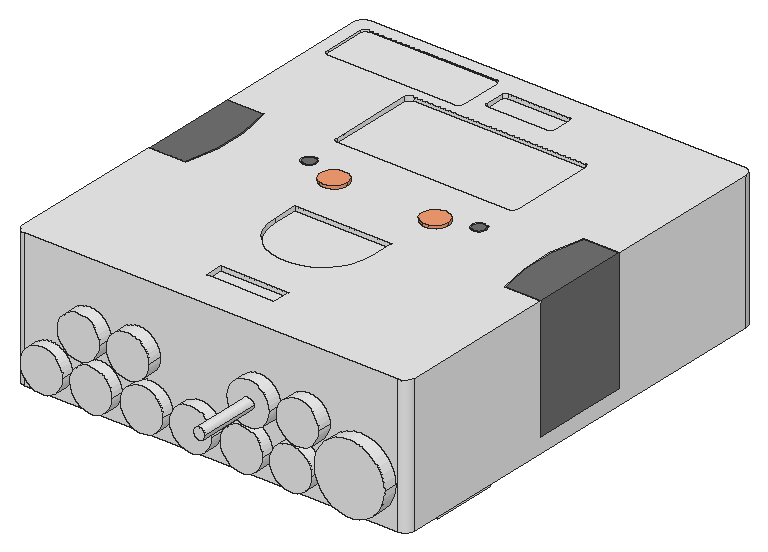
Revit family "Supercal 5_RFA", category Data Devices, host Face, Revit 2019
Family settings
  Host = Face
  Maintain Annotation Orientation = No
  Round Connector Dimension = Use Diameter
  Part Type = Normal
  Cut with Voids When Loaded = No
  Shared = No
  Room Calculation Point = No
Parameters (values of type "Supercal 5_2.5l/p_3.6V_M-Bus_187F8300")
  WB4 = 12.00 mm  # constant formula
  WB3 = 28.70 mm  # constant formula
  WB2 = 48.55 mm  # constant formula
  WB1 = 56.20 mm  # constant formula
  Voltage = 3.6 V
  Min Medium Temperature = "5 °C"  # constant formula
  Min Flow = "60 m³/h"
  Max Medium Temperature = "55 °C"  # constant formula
  Max Flow (Text) = "300 m³/h"
  Max Flow = 300.0 m³/h
  LB5 = 70.00 mm  # constant formula
  LB4 = 35.00 mm  # constant formula
  LB3 = 12.00 mm  # constant formula
  LB2 = 136.96 mm  # constant formula
  LB1 = 124.40 mm  # constant formula
  H3 = 44.40 mm  # constant formula
  Weight = 0.69 kg
  W = 158.00 mm  # constant formula
  URL = "https://store.danfoss.com/en/Climate-Solutions-for-heating/Energy-meters/Calculators/c/6953?q=%3Arelevance%3Adanfoss_producttypehierarchydesc%3ASupercal+5&text="
  Supply Voltage Type = "battery D-cell"
  Pulse Value Volume = "2.5 l/pulse"
  Model Type = "Supercal 5_2.5l/p_3.6V_M-Bus"
  Model = "187F8300"
  Min Diameter = 100.00 mm
  Max Diameter = 150.00 mm
  Manufacturer = "Danfoss"  # constant formula
  LOD 350 = not(LOD 200)  # yes
  LOD 200 = no
  L5 = 18.50 mm  # constant formula
  L4 = 27.30 mm  # constant formula
  L3 = 5.10 mm  # constant formula
  L2 = 5.00 mm  # constant formula
  L1 = 4.30 mm  # constant formula
  L = 143.00 mm  # constant formula
  Intergrated Communication = "M-Bus"  # constant formula
  Interface Module = "No interface module"  # constant formula
  Installation = "Supply"
  IfcExportType = "Supercal 5"  # constant formula
  IfcExportAs = "IfcValveType"  # constant formula
  H2 = 3.62 mm  # constant formula
  H1 = 7.60 mm  # constant formula
  H = 61.00 mm  # constant formula
  Energy Unit = "0.01 MWh"
  Description = "Energy Calculator"  # constant formula
  Default Elevation = 1219.20 mm
  Body Material = Danfoss Plastic White
Types (11, lengths in mm): name | Voltage | Min Flow | Max Flow (Text) | Max Flow | Weight | Supply Voltage Type | Pulse Value Volume | Model Type | Model | Min Diameter | Max Diameter | Installation | Energy Unit
  (no name) | 3.6 V | "60 m³/h" | "300 m³/h" | 300.0 m³/h | 0.69 kg | "battery D-cell" | "2.5 l/pulse" | "Supercal 5_2.5l/p_3.6V_M-Bus" | "187F8300" | 100.00 | 150.00 | "Supply" | "0.01 MWh"
  Supercal 5_2.5l/p_3.6V_M-Bus_187F8300 | 3.6 V | "60 m³/h" | "300 m³/h" | 300.0 m³/h | 0.69 kg | "battery D-cell" | "2.5 l/pulse" | "Supercal 5_2.5l/p_3.6V_M-Bus" | "187F8300" | 100.00 | 150.00 | "Supply" | "0.01 MWh"
  Supercal 5_10l/p_3.6V_M-Bus_187F8301 | 3.6 V | "250 m³/h" | "1500 m³/h" | 1500.0 m³/h | 0.69 kg | "battery D-cell" | "10 l/pulse" | "Supercal 5_10l/p_3.6V_M-Bus" | "187F8301" | 200.00 | 350.00 | "Supply" | "0.01 MWh"
  Supercal 5_50/p_3.6V_M-Bus_187F8302 | 3.6 V | "950 m³/h" | "2950 m³/h" | 2950.0 m³/h | 0.69 kg | "battery D-cell" | "50 l/pulse" | "Supercal 5_50l/p_3.6V_M-Bus" | "187F8302" | 400.00 | 500.00 | "Supply" | "0.01 MWh"
  Supercal 5_100l/p_3.6V_M-Bus_187F8303 | 3.6 V | "2150 m³/h" | "10000 m³/h" | 10000.0 m³/h | 0.69 kg | "battery D-cell" | "100 l/pulse" | "Supercal 5_100l/p_3.6V_M-Bus" | "187F8303" | 600.00 | 1200.00 | "Supply" | "0.01 MWh"
  Supercal 5_1l/p_3.6V_M-Bus_187F8304 | 3.6 V | "6 m³/h" | "25 m³/h" | 25.0 m³/h | 0.69 kg | "battery D-cell" | "1 l/pulse" | "Supercal 5_1l/p_3.6V_M-Bus" | "187F8304" | 600.00 | 1200.00 | "Supply" | "1 kWh"
  Supercal 5_2.5l/p_230V_M-Bus_187F8305 | 230 V | "60 m³/h" | "300 m³/h" | 300.0 m³/h | 0.63 kg | "mains unit" | "2.5 l/pulse" | "Supercal 5_2.5l/p_230V_M-Bus" | "187F8305" | 600.00 | 1200.00 | "Return" | "0.01 MWh"
  Supercal 5_10l/p_230V_M-Bus_187F8306 | 230 V | "250 m³/h" | "1500 m³/h" | 1500.0 m³/h | 0.63 kg | "mains unit" | "10 l/pulse" | "Supercal 5_10l/p_230V_M-Bus" | "187F8306" | 600.00 | 1200.00 | "Return" | "0.01 MWh"
  Supercal 5_50l/p_230V_M-Bus_187F8307 | 230 V | "950 m³/h" | "2950 m³/h" | 2950.0 m³/h | 0.63 kg | "mains unit" | "50 l/pulse" | "Supercal 5_50l/p_230V_M-Bus" | "187F8307" | 600.00 | 1200.00 | "Return" | "0.01 MWh"
  Supercal 5_100l/p_230V_M-Bus_187F8308 | 230 V | "2150 m³/h" | "10000 m³/h" | 10000.0 m³/h | 0.63 kg | "mains unit" | "100 l/pulse" | "Supercal 5_100l/p_230V_M-Bus" | "187F8308" | 600.00 | 1200.00 | "Return" | "0.01 MWh"
  Supercal 5_1l/p_230V_M-Bus_187F8309 | 230 V | "6 m³/h" | "25 m³/h" | 25.0 m³/h | 0.63 kg | "mains unit" | "1 l/pulse" | "Supercal 5_1l/p_230V_M-Bus" | "187F8309" | 600.00 | 1200.00 | "Return" | "1 kWh"
Reference planes
  plane 1 "Center (Front/Back)": y = 0
  plane 2: z = 0
  plane 3 "Center (Left/Right)": x = 0
  plane 4: x = 71.5
  plane 5: x = -71.5
  plane 6: y = 79
  plane 7: y = -79
  plane 8: z = 37.5
  plane 9: x = -44.5
  plane 10: x = -26.5
  plane 11 "rp": x = 17.5
  plane 12: x = 35.5
  plane 13: z = 21.25
  plane 14: x = -61.5
  plane 15: x = -41.5
  plane 16: x = -58.6
  plane 17: x = -40.5
  plane 18: x = -22
  plane 19: x = -4
  plane 20: x = 14.5
  plane 21: x = 32.5
  plane 22: x = 54.5
  plane 23: y = -83.3
  plane 24: y = -84
  plane 25: y = -84.1
  plane 26: y = -106.3
  plane 27: z = 7.6
  plane 28: z = 61
  plane 29: x = -18.5
  plane 30: x = 18.5
  plane 31: z = 59.5
  plane 32: z = 11.22
  plane 33: z = 16.6
  plane 34: x = -62.2
  plane 35: x = 62.2
  plane 36: y = 73.7
  plane 37: y = 17.5
  plane 38: y = -69.25
  plane 39: y = -20.7
  plane 40: y = -61.2
  plane 41: x = -68.48
  plane 42: x = 68.48
  plane 43: y = -37.43
  plane 44: y = -14.35
  plane 45: y = 14.35
  plane 46: x = 6
  plane 47: x = -6
  plane 48: y = -6
  plane 49: y = 6
  plane 50: x = -17.5
  plane 51: x = 17.5
  plane 52: x = 35
  plane 53: x = -35
  plane 54: z = 3
Forms (mm)
  Extrusion 1, solid, material "Danfoss Plastic White" <- "Body Material", visible <- "LOD 350", detail levels fine
    sketch origin (0, 0, 0) x (1, 0, 0) y (0, 0, 1)
      loop
        circle (-44.5, 37.5) r 7.75
      loop
        circle (-26.5, 37.5) r 7.75
      loop
        circle (17.5, 37.5) r 7.75
      loop
        circle (35.5, 37.5) r 7.75
    from 79 to 84
  Extrusion 2, solid, material "Danfoss Plastic White" <- "Body Material", visible <- "LOD 350", detail levels fine
    sketch origin (-14.217, 0, -14.881) x (1, 0, 0) y (0, 0, 1)
      loop
        circle (-44.383, 36.131) r 7.75
      loop
        circle (-26.283, 36.131) r 7.75
      loop
        circle (-7.783, 36.131) r 7.75
      loop
        circle (10.217, 36.131) r 7.75
      loop
        circle (28.717, 36.131) r 7.75
      loop
        circle (46.717, 36.131) r 7.75
    from 79 to 83.3
  Extrusion 3, solid, material "Danfoss Plastic White" <- "Body Material", visible <- "LOD 350", detail levels fine
    sketch origin (0, 0, 0) x (1, 0, 0) y (0, 0, 1)
      loop
        circle (54.5, 26.05) r 12.75
    from 79 to 84.1
  Extrusion 4, solid, material "Danfoss Plastic White" <- "Body Material", visible <- "LOD 350", detail levels fine
    sketch origin (0, 0, 0) x (1, 0, 0) y (0, 1, 0)
      loop
        arc (-68.05, 79) -> (-70.489, 77.989) -> (-71.5, 75.55) r 3.45
        line (-71.5, 75.55) -> (-71.5, -75.55)
        arc (-71.5, -75.55) -> (-70.49, -77.99) -> (-68.05, -79) r 3.45
        line (-68.05, -79) -> (68.05, -79)
        arc (68.05, -79) -> (70.49, -77.99) -> (71.5, -75.55) r 3.45
        line (71.5, -75.55) -> (71.5, 75.55)
        arc (71.5, 75.55) -> (70.49, 77.99) -> (68.05, 79) r 3.45
        line (68.05, 79) -> (-68.05, 79)
    from 11.215 to 61
  Extrusion 5, solid, material "Danfoss Plastic White" <- "Body Material", visible <- "LOD 350", detail levels fine
    sketch origin (0, 0, 0) x (1, 0, 0) y (0, 1, 0)
      loop
        line (-17.5, 6) -> (-17.5, -6) -> (-6, -6) -> (-6, -14.35) -> (6, -14.35) -> (6, -6) -> (17.5, -6) -> (17.5, 6) -> (6, 6) -> (6, 14.35) -> (-6, 14.35) -> (-6, 6) -> (-17.5, 6)
    from 0 to 3
  Extrusion 6, void
    sketch origin (0, 0, 0) x (1, 0, 0) y (0, 1, 0)
      loop
        arc (-33.126, 19.635) -> (-32.54, 18.221) -> (-31.126, 17.635) r 2
        line (-31.126, 17.635) -> (31.126, 17.635)
        arc (31.126, 17.635) -> (32.54, 18.221) -> (33.126, 19.635) r 2
        line (33.126, 19.635) -> (33.126, 50.387)
        arc (33.126, 50.387) -> (32.54, 51.801) -> (31.126, 52.387) r 2
        line (31.126, 52.387) -> (-31.126, 52.387)
        arc (-31.126, 52.387) -> (-32.54, 51.801) -> (-33.126, 50.387) r 2
        line (-33.126, 50.387) -> (-33.126, 19.635)
      loop
        arc (-12.326, 61.924) -> (-11.954, 61.026) -> (-11.057, 60.654) r 1.269
        line (-11.057, 60.654) -> (11.107, 60.654)
        arc (11.107, 60.654) -> (11.969, 61.012) -> (12.326, 61.874) r 1.22
        line (12.326, 61.874) -> (12.326, 69.087)
        arc (12.326, 69.087) -> (11.969, 69.949) -> (11.106, 70.307) r 1.22
        line (11.106, 70.307) -> (-11.087, 70.307)
        arc (-11.087, 70.307) -> (-11.963, 69.944) -> (-12.326, 69.067) r 1.24
        line (-12.326, 69.067) -> (-12.326, 61.924)
      loop
        line (-17.794, -18.563) -> (-17.794, -27.967)
        arc (-17.794, -27.967) -> (-0.147, -45.614) -> (17.5, -27.967) r 17.647
        line (17.5, -27.967) -> (17.5, -18.563) -> (-17.794, -18.563)
      loop
        line (-12.326, -59.074) -> (-12.326, -65.726) -> (12.326, -65.726) -> (12.326, -59.074) -> (-12.326, -59.074)
    from 59.5 to 71.185
  Extrusion 7, solid, material "Danfoss Plastic White" <- "Body Material", visible <- "LOD 350", detail levels fine
    sketch origin (0, 0, 0) x (1, 0, 0) y (0, 0, 1)
      loop
        circle (17.5, 37.5) r 2
    from 84 to 106.3
  Extrusion 8, solid, material "Danfoss Plastic Orange", visible <- "LOD 350", detail levels fine
    sketch origin (0, 0, 0) x (1, 0, 0) y (0, 1, 0)
      loop
        circle (-18.5, 0) r 4.8
      loop
        circle (18.5, 0) r 4.8
    from 37.5 to 61.786
  Extrusion 9, solid, material "Danfoss Plastic Dark Gray", visible <- "LOD 350", detail levels fine
    sketch origin (0, 0, 0) x (1, 0, 0) y (0, 1, 0)
      loop
        arc (-58.324, -17.8) -> (-55.694, 0) -> (-58.324, 17.8) r 61.55
        line (-58.324, 17.8) -> (-71.5, 17.8) -> (-71.5, -17.8) -> (-58.324, -17.8)
      loop
        line (58.324, -17.8) -> (71.5, -17.8) -> (71.5, 17.8) -> (58.324, 17.8)
        arc (58.324, 17.8) -> (55.694, 0) -> (58.324, -17.8) r 61.55
    from 16.6 to 61
  Extrusion 10, void
    sketch origin (0, 0, 0) x (1, 0, 0) y (0, 1, 0)
      loop
        arc (-64.855, 74.556) -> (-66.372, 73.928) -> (-67, 72.411) r 2.145
        line (-67, 72.411) -> (-67, 57.706)
        arc (-67, 57.706) -> (-66.37, 56.186) -> (-64.85, 55.556) r 2.15
        line (-64.85, 55.556) -> (-19.136, 55.556)
        arc (-19.136, 55.556) -> (-17.626, 56.182) -> (-17, 57.692) r 2.136
        line (-17, 57.692) -> (-17, 72.461)
        arc (-17, 72.461) -> (-17.614, 73.942) -> (-19.095, 74.556) r 2.095
        line (-19.095, 74.556) -> (-64.855, 74.556)
    from 70 to 60.5
  Extrusion 11, void
    sketch origin (0, 0, 0) x (1, 0, 0) y (0, 1, 0)
      loop
        line (-71.5, 18) -> (-71.5, -18) -> (-58.385, -18)
        arc (-58.385, -18) -> (-55.694, 0) -> (-58.385, 18) r 61.55
        line (-58.385, 18) -> (-71.5, 18)
      loop
        line (71.5, 18) -> (58.385, 18)
        arc (58.385, 18) -> (55.694, 0) -> (58.385, -18) r 61.55
        line (58.385, -18) -> (71.5, -18) -> (71.5, 18)
    from 16.6 to 74.648
  Extrusion 12, void
    sketch origin (0, 0, 0) x (1, 0, 0) y (0, 1, 0)
      loop
        circle (-31, 4.4) r 2.7
      loop
        circle (31, 4.4) r 2.7
    from 59.5 to 66.567
  Extrusion 13, solid, material "Danfoss Plastic Dark Gray", visible <- "LOD 350", detail levels fine
    sketch origin (0, 0, 0) x (1, 0, 0) y (0, 1, 0)
      loop
        circle (31, 4.368) r 2.2
      loop
        circle (-31, 4.368) r 2.2
    from 37.5 to 61
  Extrusion 14, solid, material "Danfoss Plastic White" <- "Body Material", visible <- "LOD 200", detail levels fine
    sketch origin (0, 0, 0) x (1, 0, 0) y (0, 1, 0)
      loop
        line (-71.5, 79) -> (-71.5, -79) -> (71.5, -79) -> (71.5, 79) -> (-71.5, 79)
    from 11.22 to 61
  Extrusion 15, solid, material "Danfoss Plastic White" <- "Body Material", visible <- "LOD 350", detail levels fine
    sketch origin (0, 0, 0) x (1, 0, 0) y (0, 1, 0)
      loop
        arc (-58.358, 73.7) -> (-61.075, 72.575) -> (-62.2, 69.858) r 3.842
        line (-62.2, 69.858) -> (-62.2, 17.5) -> (62.2, 17.5) -> (62.2, 69.786)
        arc (62.2, 69.786) -> (61.054, 72.554) -> (58.286, 73.7) r 3.914
        line (58.286, 73.7) -> (-58.358, 73.7)
    from 7.6 to 11.22
  Extrusion 16, solid, material "Danfoss Plastic White" <- "Body Material", visible <- "LOD 350", detail levels fine
    sketch origin (0, 0, 0) x (1, 0, 0) y (0, 1, 0)
      loop
        line (-64.25, -69.25) -> (38.864, -69.25)
        arc (38.864, -69.25) -> (41.382, -67.954) -> (42.221, -65.248) r 3.66
        line (42.221, -65.248) -> (42.221, -62.8) -> (65.178, -62.8) -> (65.178, -61.2) -> (68.48, -61.2) -> (68.48, -37.43) -> (65.178, -37.43) -> (65.178, -20.7) -> (-62.2, -20.7) -> (-62.2, -37.43) -> (-68.48, -37.43) -> (-68.48, -61.2) -> (-64.25, -61.2)
        arc (-64.25, -61.2) -> (-68.275, -65.225) -> (-64.25, -69.25) r 4.025
    from 7.6 to 11.22
  Extrusion 17, solid, material "Danfoss Plastic White" <- "Body Material", visible <- "LOD 350", detail levels fine
    sketch origin (0, 0, 0) x (1, 0, 0) y (0, 1, 0)
      loop
        line (35, -14.35) -> (35, 14.35) -> (-35, 14.35) -> (-35, -14.35) -> (35, -14.35)
    from 3 to 7.6
  Extrusion 18, solid, material "Danfoss Plastic White" <- "Body Material", visible <- "LOD 200", detail levels fine
    sketch origin (0, 0, 0) x (1, 0, 0) y (0, 1, 0)
      loop
        line (-35, 14.35) -> (-35, -14.35) -> (35, -14.35) -> (35, 14.35) -> (-35, 14.35)
    from 0 to 7.6
  Extrusion 19, solid, material "Danfoss Plastic White" <- "Body Material", visible <- "LOD 200", detail levels fine
    sketch origin (0, 0, 0) x (1, 0, 0) y (0, 1, 0)
      loop
        line (-68.48, -69.25) -> (68.48, -69.25) -> (68.48, 73.7) -> (-68.48, 73.7) -> (-68.48, -69.25)
    from 7.6 to 11.22
  Extrusion 20, solid, material "Danfoss Plastic White" <- "Body Material", detail levels coarse+medium
    sketch origin (0, 0, 0) x (1, 0, 0) y (0, 1, 0)
      loop
        line (-71.5, 79) -> (-71.5, -79) -> (71.5, -79) -> (71.5, 79) -> (-71.5, 79)
    from 0 to 61
Cuts and joins
  Extrusion 6, Extrusion 10, Extrusion 11, Extrusion 12 cuts Extrusion 4
Dimensions and locks
  "L": plane 5 to plane 4
  equal spacing: plane 5, plane 3 "Center (Left/Right)", plane 4
  equal spacing: plane 7, plane 1 "Center (Front/Back)", plane 6
  "W": plane 7 to plane 6
  locked: plane 3 "Center (Left/Right)" to plane 9 at 44.5
  locked: plane 3 "Center (Left/Right)" to plane 10 at 26.5
  locked: plane 11 "rp" to plane 3 "Center (Left/Right)" at 17.5
  locked: plane 12 to plane 3 "Center (Left/Right)" at 35.5
  plane 14 to plane 5 = 10.00 mm
  plane 3 "Center (Left/Right)" to plane 17 = 40.50 mm
  plane 3 "Center (Left/Right)" to plane 16 = 58.60 mm
  plane 3 "Center (Left/Right)" to plane 18 = 22.00 mm
  plane 3 "Center (Left/Right)" to plane 19 = 4.00 mm
  plane 20 to plane 3 "Center (Left/Right)" = 14.50 mm
  plane 21 to plane 3 "Center (Left/Right)" = 32.50 mm
  plane 22 to plane 3 "Center (Left/Right)" = 54.50 mm
  Extrusion 3 sketch curve to plane 13 = 4.80 mm
  "L1": plane 7 to plane 23
  "L2": plane 7 to plane 24
  "L3": plane 7 to plane 25
  "L4": plane 7 to plane 26
  "H1": plane 27 to level
  "H": plane 28 to level
  "L5": plane 29 to plane 3 "Center (Left/Right)"
  "L5": plane 3 "Center (Left/Right)" to plane 30
  Extrusion 9 sketch curve to plane 1 "Center (Front/Back)" = 17.80 mm  (x2)
  plane 1 "Center (Front/Back)" to Extrusion 9 sketch curve = 17.80 mm  (x2)
  plane 1 "Center (Front/Back)" to Extrusion 11 sketch curve = 18.00 mm  (x2)
  Extrusion 11 sketch curve to plane 1 "Center (Front/Back)" = 18.00 mm  (x2)
  "H2": plane 32 to plane 27
  plane 28 to plane 27 = 53.40 mm
  "H3": plane 28 to plane 33
  plane 1 "Center (Front/Back)" to Extrusion 12 sketch curve = 4.40 mm  (x2)
  plane 30 to Extrusion 12 sketch curve = 12.50 mm
  Extrusion 12 sketch curve to plane 29 = 12.50 mm
  Extrusion 13 sketch curve to plane 3 "Center (Left/Right)" = 31.00 mm
  plane 3 "Center (Left/Right)" to Extrusion 13 sketch curve = 31.00 mm
  "LB1": plane 34 to plane 35
  equal spacing: plane 34, plane 3 "Center (Left/Right)", plane 35
  "WB1": plane 37 to plane 36
  locked: plane 36 to plane 6 at 5.3
  locked: plane 7 to plane 38 at 9.75
  "WB2": plane 38 to plane 39
  "LB2": plane 41 to plane 42
  equal spacing: plane 41, plane 3 "Center (Left/Right)", plane 42
  locked: plane 43 to plane 39 at 16.73
  locked: plane 38 to plane 40 at 8.05
  "LB3": plane 47 to plane 46
  "WB3": plane 44 to plane 45
  equal spacing: plane 44, plane 1 "Center (Front/Back)", plane 45
  equal spacing: plane 47, plane 3 "Center (Left/Right)", plane 46
  equal spacing: plane 48, plane 1 "Center (Front/Back)", plane 49
  "WB4": plane 48 to plane 49
  "LB4": plane 50 to plane 51
  equal spacing: plane 50, plane 3 "Center (Left/Right)", plane 51
  "LB5": plane 53 to plane 52
  equal spacing: plane 53, plane 3 "Center (Left/Right)", plane 52
  Extrusion 5 to Extrusion 17 = 52.50 mm
  plane 54 to level = 3.00 mm
  radius of Extrusion 1 sketch curve = 7.75 mm  (x4)
  radius of Extrusion 2 sketch curve = 7.75 mm  (x6)
  radius of Extrusion 4 sketch curve = 3.45 mm  (x4)
  radius of Extrusion 3 sketch curve = 12.75 mm
  radius of Extrusion 7 sketch curve = 2.00 mm
  radius of Extrusion 8 sketch curve = 4.80 mm  (x2)
  radius of Extrusion 12 sketch curve = 2.70 mm  (x2)
  radius of Extrusion 13 sketch curve = 2.20 mm  (x2)
  radius of Extrusion 16 sketch curve = 4.025 mm
  aligned and locked: plane 2 to host face
  aligned and locked: level to host face
  aligned and locked: plane 9 to Extrusion 1 sketch curve
  aligned and locked: plane 8 to Extrusion 1 sketch curve
  aligned and locked: plane 13 to Extrusion 2 sketch curve  (x4)
  aligned and locked: plane 16 to Extrusion 2 sketch curve
  aligned and locked: plane 17 to Extrusion 2 sketch curve
  aligned and locked: plane 19 to Extrusion 2 sketch curve
  aligned and locked: plane 10 to Extrusion 1 sketch curve
  aligned and locked: plane 11 "rp" to Extrusion 1 sketch curve
  aligned and locked: plane 12 to Extrusion 1 sketch curve
  aligned and locked: plane 20 to Extrusion 2 sketch curve
  aligned and locked: plane 21 to Extrusion 2 sketch curve
  aligned and locked: plane 22 to Extrusion 3 sketch curve
  aligned and locked: plane 6 to Extrusion 4 sketch curve
  aligned and locked: plane 5 to Extrusion 4 sketch curve
  aligned and locked: Extrusion 4 sketch curve to plane 7
  aligned and locked: Extrusion 4 sketch curve to plane 4
  aligned and locked: plane 24 to Extrusion 1
  aligned and locked: plane 23 to Extrusion 2
  aligned and locked: plane 25 to Extrusion 3
  aligned and locked: plane 8 to Extrusion 7 sketch curve
  aligned and locked: plane 11 "rp" to Extrusion 7 sketch curve
  aligned and locked: plane 26 to Extrusion 7
  aligned and locked: Extrusion 7 to plane 24
  aligned and locked: plane 28 to cut or joined group of Extrusion 4, Extrusion 6, Extrusion 10, Extrusion 11, Extrusion 12
  aligned and locked: plane 29 to Extrusion 8 sketch curve
  aligned and locked: plane 1 "Center (Front/Back)" to Extrusion 8 sketch curve  (x2)
  aligned and locked: plane 30 to Extrusion 8 sketch curve
  aligned and locked: Extrusion 1 to plane 7
  aligned and locked: Extrusion 2 to plane 7
  aligned and locked: Extrusion 3 to plane 7
  aligned and locked: plane 8 to Extrusion 8
  aligned and locked: plane 28 to Extrusion 9
  aligned and locked: Extrusion 6 to plane 31
  aligned and locked: Extrusion 9 to plane 33
  aligned and locked: Extrusion 11 to plane 33
  aligned and locked: Extrusion 12 to plane 31
  aligned and locked: plane 8 to Extrusion 13
  aligned and locked: plane 28 to Extrusion 13
  aligned and locked: plane 6 to Extrusion 14 sketch curve
  aligned and locked: plane 5 to Extrusion 14 sketch curve
  aligned and locked: Extrusion 14 sketch curve to plane 7
  aligned and locked: Extrusion 14 sketch curve to plane 4
  aligned and locked: Extrusion 14 to plane 32
  aligned and locked: plane 28 to Extrusion 14
  aligned and locked: plane 34 to Extrusion 15 sketch curve
  aligned and locked: Extrusion 15 sketch curve to plane 35
  aligned and locked: Extrusion 15 sketch curve to plane 37
  aligned and locked: plane 36 to Extrusion 15 sketch curve
  aligned and locked: Extrusion 15 to plane 27
  aligned and locked: plane 32 to Extrusion 15
  aligned and locked: plane 38 to Extrusion 16 sketch curve
  aligned and locked: Extrusion 16 sketch curve to plane 39
  aligned and locked: Extrusion 16 to plane 27
  aligned and locked: plane 32 to Extrusion 16
  aligned and locked: Extrusion 16 sketch curve to plane 42
  aligned and locked: plane 43 to Extrusion 16 sketch curve
  aligned and locked: Extrusion 16 sketch curve to plane 43
  aligned and locked: Extrusion 16 sketch curve to plane 34
  aligned and locked: plane 47 to Extrusion 5 sketch curve  (x2)
  aligned and locked: Extrusion 5 sketch curve to plane 44
  aligned and locked: Extrusion 5 sketch curve to plane 46  (x2)
  aligned and locked: plane 45 to Extrusion 5 sketch curve
  aligned and locked: Extrusion 5 sketch curve to plane 48  (x2)
  aligned and locked: plane 49 to Extrusion 5 sketch curve  (x2)
  aligned and locked: plane 50 to Extrusion 5 sketch curve
  aligned and locked: Extrusion 5 sketch curve to plane 51
  aligned and locked: plane 53 to Extrusion 17 sketch curve
  aligned and locked: Extrusion 17 sketch curve to plane 44
  aligned and locked: plane 45 to Extrusion 17 sketch curve
  aligned and locked: Extrusion 17 sketch curve to plane 52
  aligned and locked: plane 27 to Extrusion 17
  aligned and locked: Extrusion 17 to plane 54
  aligned and locked: plane 54 to Extrusion 5
  aligned and locked: Extrusion 5 to level
  aligned and locked: Extrusion 18 sketch curve to Extrusion 17  (x4)
  aligned and locked: Extrusion 19 sketch curve to plane 36
  aligned and locked: Extrusion 19 sketch curve to plane 41
  aligned and locked: plane 38 to Extrusion 19 sketch curve
  aligned and locked: plane 42 to Extrusion 19 sketch curve
  aligned and locked: Extrusion 19 to plane 27
  aligned and locked: plane 32 to Extrusion 19
  aligned and locked: plane 27 to Extrusion 18
  aligned and locked: Extrusion 18 to level
  aligned and locked: Extrusion 20 sketch curve to Extrusion 14  (x4)
  aligned and locked: Extrusion 20 to level
  aligned and locked: plane 28 to Extrusion 20
Automatic sketch dimensions
  host sketch curve to host sketch curve = 2438.40 mm  (x2)
  Extrusion 1 sketch curve to plane 8 = 0.00 mm  (x3)
  Extrusion 2 sketch curve to plane 18 = 0.00 mm
  Extrusion 2 sketch curve to plane 13 = 0.00 mm  (x2)
  Extrusion 6 sketch curve to plane 11 "rp" = 0.00 mm
  Extrusion 6 sketch curve to plane 11 "rp" = 5.174 mm  (x2)
  Extrusion 6 sketch curve to Extrusion 6 sketch curve = 1.22 mm  (x2)
  Extrusion 6 sketch curve to plane 3 "Center (Left/Right)" = 0.147 mm
  plane 29 to Extrusion 6 sketch curve = 7.443 mm
  Extrusion 6 sketch curve to Extrusion 6 sketch curve = 0.03 mm
  Extrusion 6 sketch curve to Extrusion 6 sketch curve = 1.269 mm
  plane 29 to Extrusion 6 sketch curve = 6.174 mm
  Extrusion 6 sketch curve to plane 10 = 4.626 mm
  Extrusion 6 sketch curve to Extrusion 6 sketch curve = 2.00 mm  (x3)
  Extrusion 6 sketch curve to plane 12 = 4.374 mm  (x2)
  Extrusion 6 sketch curve to plane 7 = 13.274 mm
  Extrusion 6 sketch curve to Extrusion 6 sketch curve = 6.652 mm
  plane 1 "Center (Front/Back)" to Extrusion 6 sketch curve = 27.967 mm
  Extrusion 6 sketch curve to Extrusion 6 sketch curve = 9.404 mm
  Extrusion 6 sketch curve to plane 1 "Center (Front/Back)" = 17.635 mm
  plane 6 to Extrusion 6 sketch curve = 28.613 mm
  plane 6 to Extrusion 6 sketch curve = 18.346 mm
  Extrusion 6 sketch curve to Extrusion 6 sketch curve = 7.143 mm
  plane 5 to Extrusion 10 sketch curve = 4.50 mm
  Extrusion 10 sketch curve to Extrusion 10 sketch curve = 2.145 mm
  Extrusion 10 sketch curve to Extrusion 10 sketch curve = 2.15 mm
  Extrusion 10 sketch curve to plane 29 = 0.636 mm
  Extrusion 10 sketch curve to plane 29 = 0.595 mm
  plane 29 to Extrusion 10 sketch curve = 1.50 mm
  plane 6 to Extrusion 10 sketch curve = 23.444 mm
  plane 6 to Extrusion 10 sketch curve = 6.589 mm
  plane 1 "Center (Front/Back)" to Extrusion 9 sketch curve = 0.00 mm  (x2)
  Extrusion 9 sketch curve to plane 5 = 0.00 mm
  Extrusion 9 sketch curve to plane 4 = 0.00 mm
  Extrusion 9 sketch curve to plane 5 = 45.744 mm
  plane 14 to Extrusion 9 sketch curve = 3.176 mm
  Extrusion 9 sketch curve to plane 4 = 13.176 mm
  plane 4 to Extrusion 9 sketch curve = 45.744 mm
  plane 1 "Center (Front/Back)" to Extrusion 11 sketch curve = 0.00 mm  (x2)
  Extrusion 11 sketch curve to plane 5 = 0.00 mm
  Extrusion 11 sketch curve to plane 4 = 0.00 mm
  Extrusion 11 sketch curve to plane 5 = 45.744 mm
  plane 14 to Extrusion 11 sketch curve = 3.115 mm
  Extrusion 11 sketch curve to plane 4 = 13.115 mm
  plane 4 to Extrusion 11 sketch curve = 45.744 mm
  Extrusion 13 sketch curve to plane 1 "Center (Front/Back)" = 4.368 mm  (x2)
  plane 14 to Extrusion 15 sketch curve = 3.142 mm
  Extrusion 15 sketch curve to plane 35 = 3.914 mm
  plane 40 to Extrusion 16 sketch curve = 0.00 mm
  Extrusion 16 sketch curve to plane 34 = 2.05 mm
  plane 12 to Extrusion 16 sketch curve = 3.078 mm
  plane 12 to Extrusion 16 sketch curve = 3.364 mm
  plane 40 to Extrusion 16 sketch curve = 1.60 mm
  Extrusion 16 sketch curve to Extrusion 16 sketch curve = 3.643 mm
  plane 35 to Extrusion 16 sketch curve = 2.978 mm  (x2)
  Extrusion 16 sketch curve to Extrusion 16 sketch curve = 3.649 mm
  Extrusion 16 sketch curve to plane 41 = 0.00 mm
Connectors
  electrical at (0, 0, 0), driven by "Voltage"
    settings: index 1, voltage 3.6 V, apparent load 0 VA, apparent load phase1 0 VA, apparent load phase2 0 VA, apparent load phase3 0 VA, power factor 0.95, load classification "HVAC", number of poles 1, system type 31, power factor state 1, is connector primary yes, connector utility no, sub classification motor no, connector description ""
